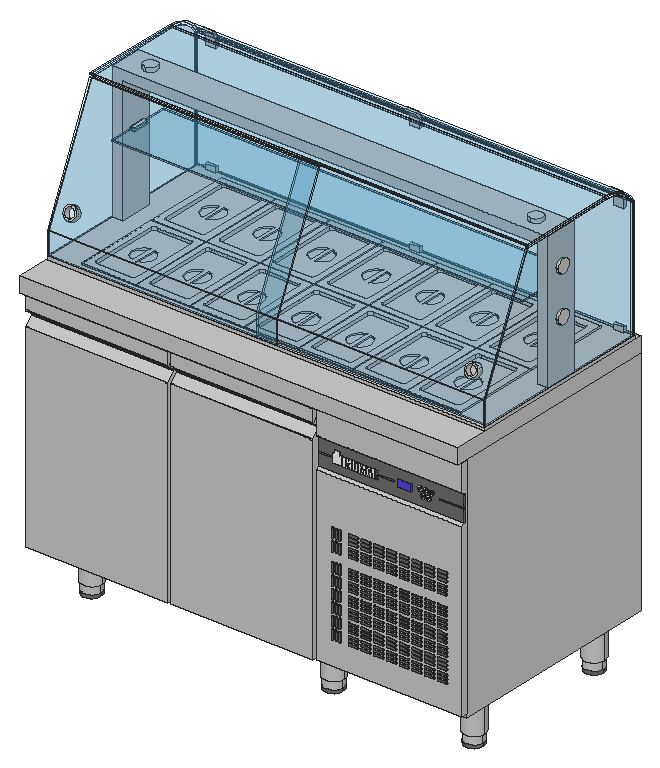
Revit family "QF_INOMAK_ZQFP99_250529104924", category Specialty Equipment, Revit 2021
Family settings
  Round Connector Dimension = Use Diameter
  Part Type = Normal
  OmniClass Number = 23.40.40.14
  OmniClass Title = Food Service Equipment
  Work Plane-Based = No
  Always vertical = Yes
  Cut with Voids When Loaded = No
  Shared = No
  Room Calculation Point = No
Parameters (values of type "ZQFP99")
  Weight [instance] = 136.999 kg
  Warranty Start Date [instance] = ""
  Warranty Duration [instance] = ""
  Volts [instance] = 230 V
  Volt Free Conn [instance] = no
  URL Recommended Spares List [instance] = ""
  URL Manufacturer [instance] = ""
  URL Cutsheet [instance] = ""
  URL Critical Spares List [instance] = ""
  URL = "www.inomak.com"
  Technical Documentation [instance] = ""
  Tag Number [instance] = ""
  Status [instance] = ""
  Start Up Current [instance] = 0 A
  Specification by User [instance] = ""
  Specification by Manufacturer [instance] = ""
  Sound Level [instance] = ""
  Show Logo [instance] = yes
  Show Clearances [instance] = yes
  Service Life Duration [instance] = ""
  Serial Number [instance] = ""
  Seismic Rating [instance] = ""
  SMACNA No [instance] = ""
  Revision Code [instance] = ""
  Revision [instance] = ""
  Production Year [instance] = ""
  Potential Equalisation [instance] = no
  Point Load [instance] = 0
  Phase [instance] = 1
  Other Equipment Approvals [instance] = ""
  Operational Current [instance] = 0 A
  Number of Poles [instance] = 2
  No Load Power Draw [instance] = no
  NAFEM Spec ID Number [instance] = ""
  Model Warning [instance] = ""
  Model = "ZQFP99"
  Min Ckt Ampacity [instance] = 0 A
  Max Overcurrent Protection [instance] = 10 A
  Masterspec [instance] = ""
  Manufacturer = "INOMAK"
  Main switch integrated [instance] = no
  Length Actual [instance] = 1342.136 mm
  Item Number [instance] = ""
  Installed By [instance] = ""
  Installation Date [instance] = ""
  Identify Quantity as Lot [instance] = no
  ID [instance] = ""
  Hygiene Approval [instance] = ""
  Height Actual [instance] = 1312.926 mm
  HP power [instance] = ""
  Furnished By [instance] = ""
  Foodservice Equipment Identifier [instance] = no
  FL Amps [instance] = 3.9 A
  Electrical Remarks [instance] = ""
  Electric power [instance] = 480 W
  Electric Connection Type [instance] = ""
  Elec Conn RI Height [instance] = 0 mm
  Elec Conn Connection Height [instance] = 0 mm
  ETL Approved [instance] = no
  Description = "ZENOBIA SALADETTE WITH SHOWCASE AND 2 GN 1/1 DOORS"
  Depth Actual [instance] = 700.024 mm
  Default Elevation = 0 mm
  Cycle [instance] = 50 Hz
  Cost = 0
  Connection to energy optimisation system [instance] = yes
  Conn Plug [instance] = ""
  Conn Conduit [instance] = no
  Centralized building control system with digital interface [instance] = ""
  CSI MasterFormat [instance] = ""
  CE Approved [instance] = no
  Barcode [instance] = 0
  Author [instance] = ""
  Asset Identifier [instance] = ""
  Apparent Power [instance] = 480 VA
  Accessory [instance] = no
Reference planes
  plane 1 "Center (Front/Back)": y = 0
  plane 2: z = 0
  plane 3 "Center (Left/Right)": x = 0
Forms (mm)
  Extrusion 1, solid, not visible
    sketch origin (935.046, -100.005, 146.007) x (1, 0, 0) y (0, 1, 0)
      loop
        line (-2, 2) -> (-2, -2) -> (2, -2) -> (2, 2) -> (-2, 2)
    from -2 to 2
Dimensions and locks
  locked: nested 2 to Extrusion 1 at 2  (x2)
  aligned and locked: level to plane 2
Nested families
  nested 1: "QF_INOMAK_REF_COUNTERS_1360_2920" at (0, 0, 144), type "ZQFP99"
    with Weight 136.999 kg, Warranty Start Date "", Warranty Duration "", URL Cutsheet "", Technical Documentation "", Tag Number "", Status "", Specification by User "", Specification by Manufacturer "", Sound Level "", Solid Fuel Type "", Show Clearances yes, Show Clearance yes, Service Life Duration "", Serial Number "", Seismic Rating "", SMACNA No "", Revision Code "", Revision "", Production Year "", Point Load 0, Other Equipment Approvals "", NAFEM Spec ID Number "", Model Warning "", Masterspec "", Length Actual 1342.136 mm, Item Number "", Installed By "", Installation Date "", Identify Quantity as Lot yes, ID "", Hygiene Approval "", Height Actual 1312.926 mm, Furnished By "", Foodservice Equipment Identifier yes, Finish none, ETL Approved yes, Depth Actual 700.024 mm, CSI MasterFormat "", CE Approved yes, Barcode "", Author "", Asset Identifier "", Accessory no
  nested 2: "CONN_POINT_ELE_2D___Generic_Annotation" at (935.046, -100.005, 144.007), type "CONN_POINT_ELE_2D___Generic_Annotation"
    with Onboard connection annotation symbol visibility yes
  nested 3: "QF_INOMAK_REF_WORKTOPS_WTVF_1360_7072" at (0, 0, 854), type "WTVF-1360-700"
    with Worktop thickness 46 mm, Weight 0.00 kg, Warranty Start Date "", Warranty Duration "", URL Cutsheet "", Technical Documentation "", Tag Number "", Status "", Specification by User "", Specification by Manufacturer "", Sound Level "", Solid Fuel Type "", Show Logo yes, Show Clearances yes, Service Life Duration "", Serial Number "", Seismic Rating "", SMACNA No "", Revision Code "", Revision "", Production Year "", Point Load 0, Other Equipment Approvals "", NAFEM Spec ID Number "", Model Warning "", Masterspec "", Length Actual 1342.136 mm, Item Number "", Installed By "", Installation Date "", Identify Quantity as Lot yes, ID "", Hygiene Approval "", Height Actual 45.974 mm, Height AFF 0 mm, Furnished By "", Foodservice Equipment Identifier yes, Finish none, ETL Approved yes, Depth Actual 700.024 mm, CSI MasterFormat "", CE Approved yes, Barcode "", Author "", Asset Identifier "", Accessory yes
  nested 4: "QF_INOMAK_REF_COUNTERS_LEGS_9119" at (0, 0, 0), type "LG-1345-700"
    with Weight 0.00 kg, Warranty Start Date "", Warranty Duration "", URL Cutsheet "", Technical Documentation "", Tag Number "", Status "", Specification by User "", Specification by Manufacturer "", Sound Level "", Solid Fuel Type "", Show Logo yes, Show Clearances yes, Service Life Duration "", Serial Number "", Seismic Rating "", SMACNA No "", Revision Code "", Revision "", Production Year "", Point Load 0, Other Equipment Approvals "", NAFEM Spec ID Number "", Model Warning "", Masterspec "", Length Actual 1342.136 mm, Legs inset right 70 mm, Legs inset rear 90 mm, Legs inset left 100 mm, Legs inset front 150 mm, Item Number "", Installed By "", Installation Date "", Identify Quantity as Lot yes, ID "", Hygiene Approval "", Height Actual 144.018 mm, Furnished By "", Foodservice Equipment Identifier yes, ETL Approved yes, Depth Actual 700.024 mm, CentralLegs no, CSI MasterFormat "", CE Approved yes, Barcode "", Author "", Asset Identifier "", Accessory yes
Connectors
  electrical at (935.046, -100.005, 144.007), driven by "Apparent Power", driven by "Number of Poles", driven by "Volts"
    settings: on Extrusion 1, index 1, voltage 230 V, apparent load 0 VA, apparent load phase1 480 VA, apparent load phase2 0 VA, apparent load phase3 0 VA, power factor 1, load classification "Other", number of poles 2, system type 31, power factor state 1, is connector primary yes, connector utility no, sub classification motor no, connector description "Electrical connection for ZQFP99"
Definition of nested family "QF_INOMAK_REF_COUNTERS_1360_2920"
  Parameters (values of type "ZQFP99")
    Weight [instance] = 0.00 kg
    Warranty Start Date [instance] = ""
    Warranty Duration [instance] = ""
    URL Cutsheet [instance] = ""
    URL = "www.inomak.com"
    Technical Documentation [instance] = ""
    Tag Number [instance] = ""
    Status [instance] = ""
    Specification by User [instance] = ""
    Specification by Manufacturer [instance] = ""
    Sound Level [instance] = ""
    Solid Fuel Type [instance] = ""
    Show Logo = yes
    Show Clearances [instance] = yes
    Show Clearance [instance] = yes
    Service Life Duration [instance] = ""
    Serial Number [instance] = ""
    Seismic Rating [instance] = ""
    SMACNA No [instance] = ""
    Revision Code [instance] = ""
    Revision [instance] = ""
    Production Year [instance] = ""
    Point Load [instance] = 0
    Other Equipment Approvals [instance] = ""
    NAFEM Spec ID Number [instance] = ""
    Model Warning [instance] = ""
    Model = "ZQFP99"
    Masterspec [instance] = ""
    Manufacturer = "INOMAK"
    Length Actual [instance] = 0 mm
    Length = 1342 mm
    Item Number [instance] = ""
    Installed By [instance] = ""
    Installation Date [instance] = ""
    Identify Quantity as Lot [instance] = yes
    ID [instance] = ""
    Hygiene Approval [instance] = ""
    Height Actual [instance] = 0 mm
    Height = 710 mm
    Furnished By [instance] = ""
    Foodservice Equipment Identifier [instance] = yes
    Finish [instance] = none
    ETL Approved [instance] = yes
    Description = "ZENOBIA SALADETTE WITH SHOWCASE AND 2 GN 1/1 DOORS"
    Depth Actual [instance] = 0 mm
    Depth = 700 mm
    Default Elevation = 0 mm
    CSI MasterFormat [instance] = ""
    CE Approved [instance] = yes
    Barcode [instance] = ""
    Author [instance] = ""
    Asset Identifier [instance] = ""
    Assembly Code = "E1090320"
    Accessory [instance] = yes
  Types (6, lengths in mm): name | Model | Description
    ZQFP99 | "ZQFP99" | "ZENOBIA SALADETTE WITH SHOWCASE AND 2 GN 1/1 DOORS"
    ZQRP99 | "ZQRP99" | "ZENOBIA SALADETTE COUNTER WITH LENGTH VITRINE AND WITH A SPACE ON THE RIGHT SIDE OF THE WORKTOP, 2 GN 1/1 DOORS"
    ZNFP99 | "ZNFP99" | "ZENOBIA SALADETTE WITH 2 GN 1/1 DOORS"
    ZSQP99 | "ZSQP99" | "ZENOBIA SALADETTE WITH SQUARE SHOWCASE AND 2 GN 1/1 DOORS"
    ZVFP99 | "ZVFP99" | "ZENOBIA SALADETTE WITH SINGLE SNEEZE GUARD AND 2 GN 1/1 DOORS"
    ZRFP99 | "ZRFP99" | "ZENOBIA SALADETTE WITH DOUBLE SNEEZE GUARD AND 2 GN 1/1 DOORS"
  Reference planes
    plane 1 "Back": y = 0
    plane 2: z = 0
    plane 3 "Left": x = 0
    plane 4 "Right": x = 1342
    plane 5 "Front": y = -700
    plane 6 "Top": z = 710
  Forms (mm)
    Extrusion 1, solid, material <- "Finish"
      sketch origin (0, 0, 0) x (1, 0, 0) y (0, 1, 0)
        loop
          line (0, -648) -> (30, -648) -> (30, -30) -> (867, -30) -> (867, -648) -> (897, -648) -> (897, -665) -> (1342, -665) -> (1342, 0) -> (0, 0) -> (0, -648)
      from 0 to 710
    Extrusion 2, solid, material <- "Finish"
      sketch origin (0, 0, 0) x (1, 0, 0) y (0, 1, 0)
        loop
          line (30, -30) -> (30, -648) -> (867, -648) -> (867, -30) -> (30, -30)
      from 0 to 45
    Extrusion 3, solid, material <- "Finish"
      sketch origin (0, 0, 710) x (0, 1, 0) y (-1, 0, 0)
        loop
          line (-30, -30) -> (-648, -30) -> (-648, -867) -> (-30, -867) -> (-30, -30)
      from 0 to -30
    Extrusion 4, solid, material <- "Finish"
      sketch origin (1342, 0, 0) x (0, -1, 0) y (0, 0, 1)
        loop
          line (683.05, 705) -> (665, 705) -> (665, 10) -> (683.05, 10) -> (683.05, 532.058) -> (676.05, 539.058) -> (676.05, 618.864) -> (683.05, 625.864) -> (683.05, 705)
      from 0 to 445
    Extrusion 5, solid
      sketch origin (0, -700, 0) x (-1, 0, 0) y (0, 0, 1)
        loop
          circle (-1208.654, 586.73) r 6.965
        loop
          circle (-1225.685, 586.73) r 6.965
        loop
          circle (-1242.694, 586.73) r 6.965
        loop
          circle (-1217.18, 568.729) r 6.965
        loop
          circle (-1234.189, 568.729) r 6.965
        loop
          circle (-1208.654, 586.73) r 3.965
        loop
          circle (-1225.685, 586.73) r 3.965
        loop
          circle (-1242.694, 586.73) r 3.965
        loop
          circle (-1217.18, 568.729) r 3.965
        loop
          circle (-1234.189, 568.729) r 3.965
      from 23 to 25.5
    Extrusion 6, solid
      sketch origin (0, -700, 0) x (-1, 0, 0) y (0, 0, 1)
        loop
          line (-1180.865, 590.461) -> (-1180.865, 567.461) -> (-1140.865, 567.461) -> (-1140.865, 590.461) -> (-1180.865, 590.461)
      from 23 to 25.5
    Extrusion 7, solid
      sketch origin (0, -700, 0) x (-1, 0, 0) y (0, 0, 1)
        loop
          line (-897, 618.864) -> (-1342, 618.864) -> (-1342, 539.058) -> (-897, 539.058) -> (-897, 618.864)
      from 23.5 to 25.5
    Extrusion 8, solid, visible <- "Show Logo"
      sketch origin (0, -700, 0) x (-1, 0, 0) y (0, 0, 1)
        loop
          line (-941.061, 591.01) -> (-947.061, 591.01) -> (-947.061, 602.118) -> (-961.298, 602.118) -> (-961.298, 591.01) -> (-967.298, 591.01) -> (-967.298, 564.76) -> (-941.061, 564.76) -> (-941.061, 591.01)
        loop
          line (-971.613, 590.698) -> (-978.903, 590.698) -> (-978.903, 564.76) -> (-971.613, 564.76) -> (-971.613, 590.698)
        loop
          line (-981.422, 564.76) -> (-981.422, 590.698) -> (-988.256, 590.698) -> (-991.449, 578.78) -> (-991.449, 590.698) -> (-997.982, 590.698) -> (-997.982, 564.76) -> (-991.449, 564.76) -> (-987.735, 578.623) -> (-987.735, 564.76) -> (-981.422, 564.76)
        loop
          line (-1018.664, 564.76) -> (-1018.664, 590.698) -> (-1027.626, 590.698) -> (-1029.988, 576.688) -> (-1032.35, 590.698) -> (-1041.312, 590.698) -> (-1041.312, 564.76) -> (-1034.687, 564.76) -> (-1034.687, 578.623) -> (-1032.35, 564.76) -> (-1027.626, 564.76) -> (-1025.289, 578.623) -> (-1025.289, 564.76) -> (-1018.664, 564.76)
        loop
          line (-1003.851, 590.698) -> (-1013.176, 590.698)
          arc (-1013.176, 590.698) -> (-1015.773, 589.622) -> (-1016.849, 587.026) r 3.672
          line (-1016.849, 587.026) -> (-1016.849, 568.433)
          arc (-1016.849, 568.433) -> (-1015.773, 565.836) -> (-1013.176, 564.76) r 3.672
          line (-1013.176, 564.76) -> (-1003.851, 564.76)
          arc (-1003.851, 564.76) -> (-1001.255, 565.836) -> (-1000.179, 568.433) r 3.672
          line (-1000.179, 568.433) -> (-1000.179, 587.026)
          arc (-1000.179, 587.026) -> (-1001.255, 589.622) -> (-1003.851, 590.698) r 3.672
        loop
          arc (-1007.487, 587.542) -> (-1008.514, 588.569) -> (-1009.541, 587.542) r 1.027
          line (-1009.541, 587.542) -> (-1009.541, 568.949)
          arc (-1009.541, 568.949) -> (-1008.514, 567.922) -> (-1007.487, 568.949) r 1.027
          line (-1007.487, 568.949) -> (-1007.487, 587.542)
        loop
          line (-1042.382, 564.76) -> (-1046.755, 590.698) -> (-1055.615, 590.698) -> (-1059.988, 564.76) -> (-1053.461, 564.76) -> (-1052.852, 569.723) -> (-1049.518, 569.723) -> (-1048.909, 564.76) -> (-1042.382, 564.76)
        loop
          line (-1050.074, 574.252) -> (-1051.185, 583.299) -> (-1052.296, 574.252) -> (-1050.074, 574.252)
        loop
          line (-1060.954, 564.76) -> (-1060.954, 590.698) -> (-1067.579, 590.698) -> (-1067.579, 581.585) -> (-1070.365, 590.698) -> (-1077.803, 590.698) -> (-1073.474, 579.422) -> (-1078.522, 564.76) -> (-1070.939, 564.76) -> (-1067.579, 577.3) -> (-1067.579, 564.76) -> (-1060.954, 564.76)
      from 23 to 25.5
    Extrusion 9, solid
      sketch origin (0, -700, 0) x (-1, 0, 0) y (0, 0, 1)
        loop
          line (-897, 580.961) -> (-933.995, 580.961) -> (-933.995, 576.961) -> (-897, 576.961) -> (-897, 580.961)
        loop
          line (-1082, 580.961) -> (-1126.365, 580.961) -> (-1126.365, 576.961) -> (-1082, 576.961) -> (-1082, 580.961)
        loop
          line (-1342, 580.961) -> (-1342, 576.961) -> (-1268.755, 576.961) -> (-1268.755, 580.961) -> (-1342, 580.961)
      from 23 to 25.5
    Extrusion 10, solid, material <- "Finish", visible <- "Show Clearance"
      sketch origin (443.5, 0, 0) x (0, -1, 0) y (0, 0, -1)
        loop
          line (690, -10) -> (648, -10) -> (648, -700) -> (690, -700) -> (690, -661.747)
          arc (690, -661.747) -> (688.671, -659.935) -> (686.544, -660.657) r 1.9
          line (686.544, -660.657) -> (680.029, -669.961) -> (668.119, -669.961)
          arc (668.119, -669.961) -> (666.433, -669.262) -> (665.734, -667.576) r 2.385
          line (665.734, -667.576) -> (665.734, -640.672)
          arc (665.734, -640.672) -> (665.976, -639.458) -> (666.663, -638.429) r 3.172
          line (666.663, -638.429) -> (689.485, -615.607)
          arc (689.485, -615.607) -> (689.866, -615.037) -> (690, -614.365) r 1.757
          line (690, -614.365) -> (690, -10)
      from 0 to -435
    Extrusion 11, solid, visible <- "Show Clearance", detail levels coarse
      sketch origin (443.5, -700, 10) x (-1, 0, 0) y (0, 1, 0)
        loop
          line (435, 10) -> (0, 10)
          arc (0, 10) -> (134.757, -285.109) -> (435, -408) r 440.665
          line (435, -408) -> (435, 10)
      from 0 to -690
    Extrusion 12, solid, material <- "Finish", visible <- "Show Clearance"
      sketch origin (453.5, 0, 0) x (0, -1, 0) y (0, 0, 1)
        loop
          line (690, 10) -> (690, 614.365)
          arc (690, 614.365) -> (689.866, 615.037) -> (689.485, 615.607) r 1.757
          line (689.485, 615.607) -> (666.663, 638.429)
          arc (666.663, 638.429) -> (665.976, 639.458) -> (665.734, 640.672) r 3.172
          line (665.734, 640.672) -> (665.734, 667.576)
          arc (665.734, 667.576) -> (666.433, 669.262) -> (668.119, 669.961) r 2.385
          line (668.119, 669.961) -> (680.029, 669.961) -> (686.544, 660.657)
          arc (686.544, 660.657) -> (688.671, 659.935) -> (690, 661.747) r 1.9
          line (690, 661.747) -> (690, 700) -> (648, 700) -> (648, 10) -> (690, 10)
      from 0 to -435
    Extrusion 13, solid, visible <- "Show Clearance", detail levels coarse
      sketch origin (453.5, -700, 10) x (-1, 0, 0) y (0, 1, 0)
        loop
          line (-435, 10) -> (-435, -408)
          arc (-435, -408) -> (-134.757, -285.109) -> (0, 10) r 440.665
          line (0, 10) -> (-435, 10)
      from 0 to -690
  Cuts and joins
    joined: Extrusion 1, Extrusion 2, Extrusion 3
  Lines and regions (mm)
    symbolic lines, visible <- "Show Clearance"
      curve 1: line (0, 0, 0) -> (1342, 0, 0)
      curve 2: line (1342, 0, 0) -> (1342, -700, 0)
      curve 3: line (1342, -700, 0) -> (0, -700, 0)
      curve 4: line (0, -700, 0) -> (0, 0, 0)
      curve 5: line (8.5, -1108, 0) -> (8.5, -700, 0)
      curve 6: arc (8.5, -1108, 0) -> (305.111, -988.559, 0) -> (442.872, -700, 0) r 440.665
      curve 7: line (888.5, -1108, 0) -> (888.5, -700, 0)
      curve 8: arc (888.5, -1108, 0) -> (591.889, -988.559, 0) -> (454.128, -700, 0) r 440.665
  Dimensions and locks
    "Length": plane 3 "Left" to plane 4 "Right"
    "Depth": plane 5 "Front" to plane 1 "Back"
    "Height": plane 6 "Top" to plane 2
    aligned and locked: level to plane 2
    aligned and locked: plane 6 "Top" to Extrusion 1
    aligned and locked: nested 1 to plane 4 "Right"
    aligned and locked: plane 5 "Front" to nested 1
    aligned and locked: plane 5 "Front" to curve 3
    aligned and locked: curve 5 to Extrusion 11
    aligned and locked: curve 7 to Extrusion 13
  Automatic sketch dimensions
    plane 1 "Back" to curve 1 = 0 mm
    curve 1 to plane 3 "Left" = 0 mm
    curve 1 to plane 4 "Right" = 0 mm
    plane 3 "Left" to curve 6 = 3.417 mm
    curve 7 to curve 8 = 5.083 mm
    curve 7 to plane 5 "Front" = 408 mm
    curve 5 to plane 5 "Front" = 408 mm
    plane 5 "Front" to curve 6 = 32.635 mm
    plane 5 "Front" to curve 8 = 32.635 mm
    Extrusion 1 sketch curve to plane 3 "Left" = 0 mm
    plane 1 "Back" to Extrusion 1 sketch curve = 0 mm
    Extrusion 1 sketch curve to plane 4 "Right" = 0 mm
    plane 3 "Left" to Extrusion 1 sketch curve = 30 mm
    plane 1 "Back" to Extrusion 1 sketch curve = 30 mm
    plane 4 "Right" to Extrusion 1 sketch curve = 475 mm
    Extrusion 1 sketch curve to Extrusion 1 sketch curve = 30 mm
    plane 5 "Front" to Extrusion 1 sketch curve = 52 mm  (x2)
    plane 5 "Front" to Extrusion 1 sketch curve = 35 mm
    plane 3 "Left" to Extrusion 2 sketch curve = 30 mm
    plane 5 "Front" to Extrusion 2 sketch curve = 52 mm
    plane 4 "Right" to Extrusion 2 sketch curve = 475 mm
    plane 1 "Back" to Extrusion 2 sketch curve = 30 mm
    plane 5 "Front" to Extrusion 3 sketch curve = 52 mm
    plane 1 "Back" to Extrusion 3 sketch curve = 30 mm
    plane 4 "Right" to Extrusion 3 sketch curve = 475 mm
    plane 3 "Left" to Extrusion 3 sketch curve = 30 mm
    Extrusion 4 sketch curve to plane 6 "Top" = 5 mm
    plane 5 "Front" to Extrusion 4 sketch curve = 35 mm
    plane 5 "Front" to Extrusion 4 sketch curve = 23.95 mm
    Extrusion 4 sketch curve to Extrusion 4 sketch curve = 7 mm  (x4)
    Extrusion 4 sketch curve to Extrusion 4 sketch curve = 79.136 mm
    Extrusion 4 sketch curve to Extrusion 4 sketch curve = 79.807 mm
    level to Extrusion 4 sketch curve = 10 mm
    level to Extrusion 10 sketch curve = 10 mm
    plane 5 "Front" to Extrusion 10 sketch curve = 52 mm
    plane 5 "Front" to Extrusion 10 sketch curve = 34.266 mm
    Extrusion 10 sketch curve to Extrusion 10 sketch curve = 0.929 mm
    Extrusion 10 sketch curve to Extrusion 10 sketch curve = 2.385 mm
    Extrusion 10 sketch curve to Extrusion 10 sketch curve = 3.172 mm
    Extrusion 10 sketch curve to Extrusion 10 sketch curve = 11.91 mm
    Extrusion 10 sketch curve to Extrusion 10 sketch curve = 6.515 mm
    Extrusion 10 sketch curve to Extrusion 10 sketch curve = 1.556 mm
    plane 5 "Front" to Extrusion 10 sketch curve = 11.757 mm
    Extrusion 10 sketch curve to Extrusion 10 sketch curve = 1.242 mm
    Extrusion 10 sketch curve to Extrusion 10 sketch curve = 1.9 mm
    Extrusion 10 sketch curve to Extrusion 10 sketch curve = 0.515 mm
    Extrusion 10 sketch curve to plane 6 "Top" = 95.635 mm
    Extrusion 10 sketch curve to Extrusion 10 sketch curve = 22.822 mm
    Extrusion 10 sketch curve to Extrusion 10 sketch curve = 19.985 mm
    Extrusion 10 sketch curve to Extrusion 10 sketch curve = 6.919 mm
    Extrusion 10 sketch curve to plane 6 "Top" = 10 mm
    plane 5 "Front" to Extrusion 11 sketch curve = 10 mm
    plane 3 "Left" to Extrusion 11 sketch curve = 443.5 mm
    plane 3 "Left" to Extrusion 11 sketch curve = 8.5 mm
    plane 3 "Left" to Extrusion 11 sketch curve = 3.417 mm
    Extrusion 11 sketch curve to Extrusion 11 sketch curve = 22.635 mm
    level to Extrusion 12 sketch curve = 10 mm
    plane 5 "Front" to Extrusion 12 sketch curve = 52 mm
    plane 5 "Front" to Extrusion 12 sketch curve = 34.266 mm
    Extrusion 12 sketch curve to Extrusion 12 sketch curve = 0.929 mm
    Extrusion 12 sketch curve to Extrusion 12 sketch curve = 2.385 mm
    Extrusion 12 sketch curve to Extrusion 12 sketch curve = 3.172 mm
    Extrusion 12 sketch curve to Extrusion 12 sketch curve = 11.91 mm
    Extrusion 12 sketch curve to Extrusion 12 sketch curve = 6.515 mm
    Extrusion 12 sketch curve to Extrusion 12 sketch curve = 1.556 mm
    plane 5 "Front" to Extrusion 12 sketch curve = 11.757 mm
    Extrusion 12 sketch curve to Extrusion 12 sketch curve = 1.242 mm
    Extrusion 12 sketch curve to Extrusion 12 sketch curve = 1.9 mm
    Extrusion 12 sketch curve to Extrusion 12 sketch curve = 0.515 mm
    Extrusion 12 sketch curve to plane 6 "Top" = 95.635 mm
    Extrusion 12 sketch curve to Extrusion 12 sketch curve = 22.822 mm
    Extrusion 12 sketch curve to Extrusion 12 sketch curve = 19.985 mm
    Extrusion 12 sketch curve to Extrusion 12 sketch curve = 6.919 mm
    Extrusion 12 sketch curve to plane 6 "Top" = 10 mm
    plane 5 "Front" to Extrusion 13 sketch curve = 32.635 mm
    plane 4 "Right" to Extrusion 13 sketch curve = 448.417 mm
    Extrusion 13 sketch curve to Extrusion 13 sketch curve = 5.083 mm
    plane 5 "Front" to Extrusion 13 sketch curve = 10 mm
    Extrusion 13 sketch curve to Extrusion 13 sketch curve = 435 mm
    Extrusion 5 sketch curve to Extrusion 5 sketch curve = 0 mm  (x13)
    plane 4 "Right" to Extrusion 5 sketch curve = 99.306 mm
    Extrusion 5 sketch curve to Extrusion 5 sketch curve = 8.505 mm
    Extrusion 5 sketch curve to Extrusion 5 sketch curve = 17.009 mm  (x2)
    Extrusion 5 sketch curve to Extrusion 5 sketch curve = 17.03 mm
    Extrusion 5 sketch curve to plane 6 "Top" = 141.271 mm
    Extrusion 5 sketch curve to Extrusion 5 sketch curve = 18.001 mm
    plane 4 "Right" to Extrusion 6 sketch curve = 161.135 mm
    Extrusion 6 sketch curve to Extrusion 6 sketch curve = 40 mm
    Extrusion 6 sketch curve to plane 6 "Top" = 142.539 mm
    Extrusion 6 sketch curve to Extrusion 6 sketch curve = 23 mm
    plane 4 "Right" to Extrusion 7 sketch curve = 0 mm
    Extrusion 7 sketch curve to plane 6 "Top" = 170.942 mm
    Extrusion 7 sketch curve to Extrusion 7 sketch curve = 445 mm
    Extrusion 7 sketch curve to Extrusion 7 sketch curve = 79.807 mm
    plane 4 "Right" to Extrusion 8 sketch curve = 263.478 mm
    Extrusion 8 sketch curve to Extrusion 8 sketch curve = 0.72 mm
    Extrusion 8 sketch curve to plane 6 "Top" = 130.578 mm
    Extrusion 8 sketch curve to Extrusion 8 sketch curve = 4.329 mm
    Extrusion 8 sketch curve to Extrusion 8 sketch curve = 7.584 mm
    Extrusion 8 sketch curve to plane 6 "Top" = 119.302 mm  (x2)
    Extrusion 8 sketch curve to Extrusion 8 sketch curve = 7.438 mm
    Extrusion 8 sketch curve to plane 6 "Top" = 132.7 mm
    Extrusion 8 sketch curve to Extrusion 8 sketch curve = 5.895 mm
    Extrusion 8 sketch curve to plane 6 "Top" = 128.415 mm
    Extrusion 8 sketch curve to Extrusion 8 sketch curve = 0 mm  (x11)
    Extrusion 8 sketch curve to Extrusion 8 sketch curve = 6.625 mm  (x2)
    Extrusion 8 sketch curve to Extrusion 8 sketch curve = 0.965 mm
    Extrusion 8 sketch curve to Extrusion 8 sketch curve = 5.338 mm
    Extrusion 8 sketch curve to Extrusion 8 sketch curve = 6.527 mm  (x2)
    Extrusion 8 sketch curve to plane 6 "Top" = 140.277 mm
    Extrusion 8 sketch curve to Extrusion 8 sketch curve = 0.609 mm
    Extrusion 8 sketch curve to plane 6 "Top" = 135.748 mm
    Extrusion 8 sketch curve to Extrusion 8 sketch curve = 0.556 mm
    Extrusion 8 sketch curve to plane 6 "Top" = 126.701 mm
    Extrusion 8 sketch curve to Extrusion 8 sketch curve = 4.43 mm  (x2)
    Extrusion 8 sketch curve to Extrusion 8 sketch curve = 2.222 mm
    Extrusion 8 sketch curve to Extrusion 8 sketch curve = 3.334 mm
    Extrusion 8 sketch curve to Extrusion 8 sketch curve = 4.552 mm
    Extrusion 8 sketch curve to plane 6 "Top" = 145.24 mm  (x2)
    Extrusion 8 sketch curve to Extrusion 8 sketch curve = 1.069 mm
    Extrusion 8 sketch curve to plane 6 "Top" = 131.377 mm  (x2)
    Extrusion 8 sketch curve to Extrusion 8 sketch curve = 8.962 mm  (x2)
    Extrusion 8 sketch curve to Extrusion 8 sketch curve = 2.337 mm
    Extrusion 8 sketch curve to plane 6 "Top" = 133.312 mm
    Extrusion 8 sketch curve to Extrusion 8 sketch curve = 4.699 mm  (x2)
    Extrusion 8 sketch curve to Extrusion 8 sketch curve = 4.724 mm  (x2)
    Extrusion 8 sketch curve to Extrusion 8 sketch curve = 1.815 mm
    Extrusion 8 sketch curve to Extrusion 8 sketch curve = 3.672 mm  (x8)
    Extrusion 8 sketch curve to Extrusion 8 sketch curve = 3.636 mm  (x3)
    Extrusion 8 sketch curve to Extrusion 8 sketch curve = 1.027 mm
    Extrusion 8 sketch curve to Extrusion 8 sketch curve = 2.197 mm
    Extrusion 8 sketch curve to Extrusion 8 sketch curve = 6.532 mm  (x2)
    Extrusion 8 sketch curve to Extrusion 8 sketch curve = 3.194 mm
    Extrusion 8 sketch curve to Extrusion 8 sketch curve = 3.714 mm
    Extrusion 8 sketch curve to Extrusion 8 sketch curve = 6.312 mm
    Extrusion 8 sketch curve to Extrusion 8 sketch curve = 2.52 mm
    Extrusion 8 sketch curve to Extrusion 8 sketch curve = 7.29 mm
    Extrusion 8 sketch curve to Extrusion 8 sketch curve = 4.315 mm
    Extrusion 8 sketch curve to Extrusion 8 sketch curve = 6 mm
    Extrusion 8 sketch curve to Extrusion 8 sketch curve = 14.237 mm
    Extrusion 8 sketch curve to Extrusion 8 sketch curve = 26.237 mm
    Extrusion 8 sketch curve to Extrusion 8 sketch curve = 14.661 mm
    Extrusion 8 sketch curve to Extrusion 8 sketch curve = 4.963 mm
    Extrusion 8 sketch curve to Extrusion 8 sketch curve = 0.516 mm  (x2)
    Extrusion 8 sketch curve to Extrusion 8 sketch curve = 13.862 mm
    Extrusion 8 sketch curve to Extrusion 8 sketch curve = 0.157 mm
    Extrusion 8 sketch curve to Extrusion 8 sketch curve = 26.25 mm
    Extrusion 8 sketch curve to Extrusion 8 sketch curve = 0.312 mm
    Extrusion 8 sketch curve to Extrusion 8 sketch curve = 11.107 mm
    plane 4 "Right" to Extrusion 9 sketch curve = 0 mm
    Extrusion 9 sketch curve to Extrusion 9 sketch curve = 73.245 mm
    Extrusion 9 sketch curve to Extrusion 9 sketch curve = 142.39 mm
    Extrusion 9 sketch curve to Extrusion 9 sketch curve = 44.365 mm
    Extrusion 9 sketch curve to Extrusion 9 sketch curve = 148.005 mm
    Extrusion 9 sketch curve to Extrusion 9 sketch curve = 36.995 mm
    Extrusion 9 sketch curve to plane 6 "Top" = 133.039 mm  (x3)
    Extrusion 9 sketch curve to Extrusion 9 sketch curve = 4 mm  (x3)
    radius of Extrusion 5 sketch curve = 6.965 mm  (x5)
    radius of Extrusion 5 sketch curve = 3.965 mm  (x5)
  Nested families
    nested 1: "QF_INOMAK_CONRTOL-PANEL" at (1342, 0, 0), type "PNRP9999"
      with Show Clearance yes
  Definition of nested family "QF_INOMAK_CONRTOL-PANEL"
    Parameters (values of type "PNRP9999")
      URL = ""
      Show Logo = yes
      Show Clearance [instance] = yes
      Model = ""
      Manufacturer = ""
      Length = 0 mm
      Height = 710 mm
      Front offset = 80 mm
      Description = ""
      Depth = 700 mm
      Default Elevation = 0 mm
      Assembly Code = ""
    Reference planes
      plane 1 "Back": y = 0
      plane 2: z = 0
      plane 3 "Left": x = 0
      plane 4 "Right": x = 0
      plane 5 "Front": y = -700
      plane 6 "Top": z = 710
      plane 7 "Front offset": y = -620
    Forms (mm)
      Extrusion 1, solid
        sketch origin (-2240, -700, 0) x (-1, 0, 0) y (0, 0, 1)
          loop
            arc (-2191.4, 389.855) -> (-2194.4, 386.855) -> (-2191.4, 383.855) r 3
            line (-2191.4, 383.855) -> (-2167.4, 383.855)
            arc (-2167.4, 383.855) -> (-2164.4, 386.855) -> (-2167.4, 389.855) r 3
            line (-2167.4, 389.855) -> (-2191.4, 389.855)
          loop
            arc (-2152.4, 389.855) -> (-2155.4, 386.855) -> (-2152.4, 383.855) r 3
            line (-2152.4, 383.855) -> (-2128.4, 383.855)
            arc (-2128.4, 383.855) -> (-2125.4, 386.855) -> (-2128.4, 389.855) r 3
            line (-2128.4, 389.855) -> (-2152.4, 389.855)
          loop
            arc (-2113.4, 389.855) -> (-2116.4, 386.855) -> (-2113.4, 383.855) r 3
            line (-2113.4, 383.855) -> (-2089.4, 383.855)
            arc (-2089.4, 383.855) -> (-2086.4, 386.855) -> (-2089.4, 389.855) r 3
            line (-2089.4, 389.855) -> (-2113.4, 389.855)
          loop
            arc (-2074.4, 389.855) -> (-2077.4, 386.855) -> (-2074.4, 383.855) r 3
            line (-2074.4, 383.855) -> (-2050.4, 383.855)
            arc (-2050.4, 383.855) -> (-2047.4, 386.855) -> (-2050.4, 389.855) r 3
            line (-2050.4, 389.855) -> (-2074.4, 389.855)
          loop
            arc (-2035.4, 389.855) -> (-2038.4, 386.855) -> (-2035.4, 383.855) r 3
            line (-2035.4, 383.855) -> (-2011.4, 383.855)
            arc (-2011.4, 383.855) -> (-2008.4, 386.855) -> (-2011.4, 389.855) r 3
            line (-2011.4, 389.855) -> (-2035.4, 389.855)
          loop
            arc (-1996.4, 389.855) -> (-1999.4, 386.855) -> (-1996.4, 383.855) r 3
            line (-1996.4, 383.855) -> (-1972.4, 383.855)
            arc (-1972.4, 383.855) -> (-1969.4, 386.855) -> (-1972.4, 389.855) r 3
            line (-1972.4, 389.855) -> (-1996.4, 389.855)
          loop
            arc (-1957.4, 389.855) -> (-1960.4, 386.855) -> (-1957.4, 383.855) r 3
            line (-1957.4, 383.855) -> (-1933.4, 383.855)
            arc (-1933.4, 383.855) -> (-1930.4, 386.855) -> (-1933.4, 389.855) r 3
            line (-1933.4, 389.855) -> (-1957.4, 389.855)
          loop
            arc (-1918.4, 389.855) -> (-1921.4, 386.855) -> (-1918.4, 383.855) r 3
            line (-1918.4, 383.855) -> (-1894.4, 383.855)
            arc (-1894.4, 383.855) -> (-1891.4, 386.855) -> (-1894.4, 389.855) r 3
            line (-1894.4, 389.855) -> (-1918.4, 389.855)
          loop
            arc (-2191.4, 378.855) -> (-2194.4, 375.855) -> (-2191.4, 372.855) r 3
            line (-2191.4, 372.855) -> (-2167.4, 372.855)
            arc (-2167.4, 372.855) -> (-2164.4, 375.855) -> (-2167.4, 378.855) r 3
            line (-2167.4, 378.855) -> (-2191.4, 378.855)
          loop
            arc (-2152.4, 378.855) -> (-2155.4, 375.855) -> (-2152.4, 372.855) r 3
            line (-2152.4, 372.855) -> (-2128.4, 372.855)
            arc (-2128.4, 372.855) -> (-2125.4, 375.855) -> (-2128.4, 378.855) r 3
            line (-2128.4, 378.855) -> (-2152.4, 378.855)
          loop
            arc (-2113.4, 378.855) -> (-2116.4, 375.855) -> (-2113.4, 372.855) r 3
            line (-2113.4, 372.855) -> (-2089.4, 372.855)
            arc (-2089.4, 372.855) -> (-2086.4, 375.855) -> (-2089.4, 378.855) r 3
            line (-2089.4, 378.855) -> (-2113.4, 378.855)
          loop
            arc (-2074.4, 378.855) -> (-2077.4, 375.855) -> (-2074.4, 372.855) r 3
            line (-2074.4, 372.855) -> (-2050.4, 372.855)
            arc (-2050.4, 372.855) -> (-2047.4, 375.855) -> (-2050.4, 378.855) r 3
            line (-2050.4, 378.855) -> (-2074.4, 378.855)
          loop
            arc (-2035.4, 378.855) -> (-2038.4, 375.855) -> (-2035.4, 372.855) r 3
            line (-2035.4, 372.855) -> (-2011.4, 372.855)
            arc (-2011.4, 372.855) -> (-2008.4, 375.855) -> (-2011.4, 378.855) r 3
            line (-2011.4, 378.855) -> (-2035.4, 378.855)
          loop
            arc (-1996.4, 378.855) -> (-1999.4, 375.855) -> (-1996.4, 372.855) r 3
            line (-1996.4, 372.855) -> (-1972.4, 372.855)
            arc (-1972.4, 372.855) -> (-1969.4, 375.855) -> (-1972.4, 378.855) r 3
            line (-1972.4, 378.855) -> (-1996.4, 378.855)
          loop
            arc (-1957.4, 378.855) -> (-1960.4, 375.855) -> (-1957.4, 372.855) r 3
            line (-1957.4, 372.855) -> (-1933.4, 372.855)
            arc (-1933.4, 372.855) -> (-1930.4, 375.855) -> (-1933.4, 378.855) r 3
            line (-1933.4, 378.855) -> (-1957.4, 378.855)
          loop
            arc (-1918.4, 378.855) -> (-1921.4, 375.855) -> (-1918.4, 372.855) r 3
            line (-1918.4, 372.855) -> (-1894.4, 372.855)
            arc (-1894.4, 372.855) -> (-1891.4, 375.855) -> (-1894.4, 378.855) r 3
            line (-1894.4, 378.855) -> (-1918.4, 378.855)
          loop
            arc (-2191.4, 367.855) -> (-2194.4, 364.855) -> (-2191.4, 361.855) r 3
            line (-2191.4, 361.855) -> (-2167.4, 361.855)
            arc (-2167.4, 361.855) -> (-2164.4, 364.855) -> (-2167.4, 367.855) r 3
            line (-2167.4, 367.855) -> (-2191.4, 367.855)
          loop
            arc (-2152.4, 367.855) -> (-2155.4, 364.855) -> (-2152.4, 361.855) r 3
            line (-2152.4, 361.855) -> (-2128.4, 361.855)
            arc (-2128.4, 361.855) -> (-2125.4, 364.855) -> (-2128.4, 367.855) r 3
            line (-2128.4, 367.855) -> (-2152.4, 367.855)
          loop
            arc (-2113.4, 367.855) -> (-2116.4, 364.855) -> (-2113.4, 361.855) r 3
            line (-2113.4, 361.855) -> (-2089.4, 361.855)
            arc (-2089.4, 361.855) -> (-2086.4, 364.855) -> (-2089.4, 367.855) r 3
            line (-2089.4, 367.855) -> (-2113.4, 367.855)
          loop
            arc (-2074.4, 367.855) -> (-2077.4, 364.855) -> (-2074.4, 361.855) r 3
            line (-2074.4, 361.855) -> (-2050.4, 361.855)
            arc (-2050.4, 361.855) -> (-2047.4, 364.855) -> (-2050.4, 367.855) r 3
            line (-2050.4, 367.855) -> (-2074.4, 367.855)
          loop
            arc (-2035.4, 367.855) -> (-2038.4, 364.855) -> (-2035.4, 361.855) r 3
            line (-2035.4, 361.855) -> (-2011.4, 361.855)
            arc (-2011.4, 361.855) -> (-2008.4, 364.855) -> (-2011.4, 367.855) r 3
            line (-2011.4, 367.855) -> (-2035.4, 367.855)
          loop
            arc (-1996.4, 367.855) -> (-1999.4, 364.855) -> (-1996.4, 361.855) r 3
            line (-1996.4, 361.855) -> (-1972.4, 361.855)
            arc (-1972.4, 361.855) -> (-1969.4, 364.855) -> (-1972.4, 367.855) r 3
            line (-1972.4, 367.855) -> (-1996.4, 367.855)
          loop
            arc (-1957.4, 367.855) -> (-1960.4, 364.855) -> (-1957.4, 361.855) r 3
            line (-1957.4, 361.855) -> (-1933.4, 361.855)
            arc (-1933.4, 361.855) -> (-1930.4, 364.855) -> (-1933.4, 367.855) r 3
            line (-1933.4, 367.855) -> (-1957.4, 367.855)
          loop
            arc (-1918.4, 367.855) -> (-1921.4, 364.855) -> (-1918.4, 361.855) r 3
            line (-1918.4, 361.855) -> (-1894.4, 361.855)
            arc (-1894.4, 361.855) -> (-1891.4, 364.855) -> (-1894.4, 367.855) r 3
            line (-1894.4, 367.855) -> (-1918.4, 367.855)
          loop
            arc (-2191.4, 352.855) -> (-2194.4, 349.855) -> (-2191.4, 346.855) r 3
            line (-2191.4, 346.855) -> (-2167.4, 346.855)
            arc (-2167.4, 346.855) -> (-2164.4, 349.855) -> (-2167.4, 352.855) r 3
            line (-2167.4, 352.855) -> (-2191.4, 352.855)
          loop
            arc (-2152.4, 352.855) -> (-2155.4, 349.855) -> (-2152.4, 346.855) r 3
            line (-2152.4, 346.855) -> (-2128.4, 346.855)
            arc (-2128.4, 346.855) -> (-2125.4, 349.855) -> (-2128.4, 352.855) r 3
            line (-2128.4, 352.855) -> (-2152.4, 352.855)
          loop
            arc (-2113.4, 352.855) -> (-2116.4, 349.855) -> (-2113.4, 346.855) r 3
            line (-2113.4, 346.855) -> (-2089.4, 346.855)
            arc (-2089.4, 346.855) -> (-2086.4, 349.855) -> (-2089.4, 352.855) r 3
            line (-2089.4, 352.855) -> (-2113.4, 352.855)
          loop
            arc (-2074.4, 352.855) -> (-2077.4, 349.855) -> (-2074.4, 346.855) r 3
            line (-2074.4, 346.855) -> (-2050.4, 346.855)
            arc (-2050.4, 346.855) -> (-2047.4, 349.855) -> (-2050.4, 352.855) r 3
            line (-2050.4, 352.855) -> (-2074.4, 352.855)
          loop
            arc (-2035.4, 352.855) -> (-2038.4, 349.855) -> (-2035.4, 346.855) r 3
            line (-2035.4, 346.855) -> (-2011.4, 346.855)
            arc (-2011.4, 346.855) -> (-2008.4, 349.855) -> (-2011.4, 352.855) r 3
            line (-2011.4, 352.855) -> (-2035.4, 352.855)
          loop
            arc (-1996.4, 352.855) -> (-1999.4, 349.855) -> (-1996.4, 346.855) r 3
            line (-1996.4, 346.855) -> (-1972.4, 346.855)
            arc (-1972.4, 346.855) -> (-1969.4, 349.855) -> (-1972.4, 352.855) r 3
            line (-1972.4, 352.855) -> (-1996.4, 352.855)
          loop
            arc (-1957.4, 352.855) -> (-1960.4, 349.855) -> (-1957.4, 346.855) r 3
            line (-1957.4, 346.855) -> (-1933.4, 346.855)
            arc (-1933.4, 346.855) -> (-1930.4, 349.855) -> (-1933.4, 352.855) r 3
            line (-1933.4, 352.855) -> (-1957.4, 352.855)
          loop
            arc (-1918.4, 352.855) -> (-1921.4, 349.855) -> (-1918.4, 346.855) r 3
            line (-1918.4, 346.855) -> (-1894.4, 346.855)
            arc (-1894.4, 346.855) -> (-1891.4, 349.855) -> (-1894.4, 352.855) r 3
            line (-1894.4, 352.855) -> (-1918.4, 352.855)
          loop
            arc (-2191.4, 341.855) -> (-2194.4, 338.855) -> (-2191.4, 335.855) r 3
            line (-2191.4, 335.855) -> (-2167.4, 335.855)
            arc (-2167.4, 335.855) -> (-2164.4, 338.855) -> (-2167.4, 341.855) r 3
            line (-2167.4, 341.855) -> (-2191.4, 341.855)
          loop
            arc (-2152.4, 341.855) -> (-2155.4, 338.855) -> (-2152.4, 335.855) r 3
            line (-2152.4, 335.855) -> (-2128.4, 335.855)
            arc (-2128.4, 335.855) -> (-2125.4, 338.855) -> (-2128.4, 341.855) r 3
            line (-2128.4, 341.855) -> (-2152.4, 341.855)
          loop
            arc (-2113.4, 341.855) -> (-2116.4, 338.855) -> (-2113.4, 335.855) r 3
            line (-2113.4, 335.855) -> (-2089.4, 335.855)
            arc (-2089.4, 335.855) -> (-2086.4, 338.855) -> (-2089.4, 341.855) r 3
            line (-2089.4, 341.855) -> (-2113.4, 341.855)
          loop
            arc (-2074.4, 341.855) -> (-2077.4, 338.855) -> (-2074.4, 335.855) r 3
            line (-2074.4, 335.855) -> (-2050.4, 335.855)
            arc (-2050.4, 335.855) -> (-2047.4, 338.855) -> (-2050.4, 341.855) r 3
            line (-2050.4, 341.855) -> (-2074.4, 341.855)
          loop
            arc (-2035.4, 341.855) -> (-2038.4, 338.855) -> (-2035.4, 335.855) r 3
            line (-2035.4, 335.855) -> (-2011.4, 335.855)
            arc (-2011.4, 335.855) -> (-2008.4, 338.855) -> (-2011.4, 341.855) r 3
            line (-2011.4, 341.855) -> (-2035.4, 341.855)
          loop
            arc (-1996.4, 341.855) -> (-1999.4, 338.855) -> (-1996.4, 335.855) r 3
            line (-1996.4, 335.855) -> (-1972.4, 335.855)
            arc (-1972.4, 335.855) -> (-1969.4, 338.855) -> (-1972.4, 341.855) r 3
            line (-1972.4, 341.855) -> (-1996.4, 341.855)
          loop
            arc (-1957.4, 341.855) -> (-1960.4, 338.855) -> (-1957.4, 335.855) r 3
            line (-1957.4, 335.855) -> (-1933.4, 335.855)
            arc (-1933.4, 335.855) -> (-1930.4, 338.855) -> (-1933.4, 341.855) r 3
            line (-1933.4, 341.855) -> (-1957.4, 341.855)
          loop
            arc (-1918.4, 341.855) -> (-1921.4, 338.855) -> (-1918.4, 335.855) r 3
            line (-1918.4, 335.855) -> (-1894.4, 335.855)
            arc (-1894.4, 335.855) -> (-1891.4, 338.855) -> (-1894.4, 341.855) r 3
            line (-1894.4, 341.855) -> (-1918.4, 341.855)
          loop
            arc (-2191.4, 330.855) -> (-2194.4, 327.855) -> (-2191.4, 324.855) r 3
            line (-2191.4, 324.855) -> (-2167.4, 324.855)
            arc (-2167.4, 324.855) -> (-2164.4, 327.855) -> (-2167.4, 330.855) r 3
            line (-2167.4, 330.855) -> (-2191.4, 330.855)
          loop
            arc (-2152.4, 330.855) -> (-2155.4, 327.855) -> (-2152.4, 324.855) r 3
            line (-2152.4, 324.855) -> (-2128.4, 324.855)
            arc (-2128.4, 324.855) -> (-2125.4, 327.855) -> (-2128.4, 330.855) r 3
            line (-2128.4, 330.855) -> (-2152.4, 330.855)
          loop
            arc (-2113.4, 330.855) -> (-2116.4, 327.855) -> (-2113.4, 324.855) r 3
            line (-2113.4, 324.855) -> (-2089.4, 324.855)
            arc (-2089.4, 324.855) -> (-2086.4, 327.855) -> (-2089.4, 330.855) r 3
            line (-2089.4, 330.855) -> (-2113.4, 330.855)
          loop
            arc (-2074.4, 330.855) -> (-2077.4, 327.855) -> (-2074.4, 324.855) r 3
            line (-2074.4, 324.855) -> (-2050.4, 324.855)
            arc (-2050.4, 324.855) -> (-2047.4, 327.855) -> (-2050.4, 330.855) r 3
            line (-2050.4, 330.855) -> (-2074.4, 330.855)
          loop
            arc (-2035.4, 330.855) -> (-2038.4, 327.855) -> (-2035.4, 324.855) r 3
            line (-2035.4, 324.855) -> (-2011.4, 324.855)
            arc (-2011.4, 324.855) -> (-2008.4, 327.855) -> (-2011.4, 330.855) r 3
            line (-2011.4, 330.855) -> (-2035.4, 330.855)
          loop
            arc (-1996.4, 330.855) -> (-1999.4, 327.855) -> (-1996.4, 324.855) r 3
            line (-1996.4, 324.855) -> (-1972.4, 324.855)
            arc (-1972.4, 324.855) -> (-1969.4, 327.855) -> (-1972.4, 330.855) r 3
            line (-1972.4, 330.855) -> (-1996.4, 330.855)
          loop
            arc (-1957.4, 330.855) -> (-1960.4, 327.855) -> (-1957.4, 324.855) r 3
            line (-1957.4, 324.855) -> (-1933.4, 324.855)
            arc (-1933.4, 324.855) -> (-1930.4, 327.855) -> (-1933.4, 330.855) r 3
            line (-1933.4, 330.855) -> (-1957.4, 330.855)
          loop
            arc (-1918.4, 330.855) -> (-1921.4, 327.855) -> (-1918.4, 324.855) r 3
            line (-1918.4, 324.855) -> (-1894.4, 324.855)
            arc (-1894.4, 324.855) -> (-1891.4, 327.855) -> (-1894.4, 330.855) r 3
            line (-1894.4, 330.855) -> (-1918.4, 330.855)
          loop
            arc (-2191.4, 295.855) -> (-2194.4, 292.855) -> (-2191.4, 289.855) r 3
            line (-2191.4, 289.855) -> (-2167.4, 289.855)
            arc (-2167.4, 289.855) -> (-2164.4, 292.855) -> (-2167.4, 295.855) r 3
            line (-2167.4, 295.855) -> (-2191.4, 295.855)
          loop
            arc (-2152.4, 295.855) -> (-2155.4, 292.855) -> (-2152.4, 289.855) r 3
            line (-2152.4, 289.855) -> (-2128.4, 289.855)
            arc (-2128.4, 289.855) -> (-2125.4, 292.855) -> (-2128.4, 295.855) r 3
            line (-2128.4, 295.855) -> (-2152.4, 295.855)
          loop
            arc (-2113.4, 295.855) -> (-2116.4, 292.855) -> (-2113.4, 289.855) r 3
            line (-2113.4, 289.855) -> (-2089.4, 289.855)
            arc (-2089.4, 289.855) -> (-2086.4, 292.855) -> (-2089.4, 295.855) r 3
            line (-2089.4, 295.855) -> (-2113.4, 295.855)
          loop
            arc (-2074.4, 295.855) -> (-2077.4, 292.855) -> (-2074.4, 289.855) r 3
            line (-2074.4, 289.855) -> (-2050.4, 289.855)
            arc (-2050.4, 289.855) -> (-2047.4, 292.855) -> (-2050.4, 295.855) r 3
            line (-2050.4, 295.855) -> (-2074.4, 295.855)
          loop
            arc (-2035.4, 295.855) -> (-2038.4, 292.855) -> (-2035.4, 289.855) r 3
            line (-2035.4, 289.855) -> (-2011.4, 289.855)
            arc (-2011.4, 289.855) -> (-2008.4, 292.855) -> (-2011.4, 295.855) r 3
            line (-2011.4, 295.855) -> (-2035.4, 295.855)
          loop
            arc (-1996.4, 295.855) -> (-1999.4, 292.855) -> (-1996.4, 289.855) r 3
            line (-1996.4, 289.855) -> (-1972.4, 289.855)
            arc (-1972.4, 289.855) -> (-1969.4, 292.855) -> (-1972.4, 295.855) r 3
            line (-1972.4, 295.855) -> (-1996.4, 295.855)
          loop
            arc (-1957.4, 295.855) -> (-1960.4, 292.855) -> (-1957.4, 289.855) r 3
            line (-1957.4, 289.855) -> (-1933.4, 289.855)
            arc (-1933.4, 289.855) -> (-1930.4, 292.855) -> (-1933.4, 295.855) r 3
            line (-1933.4, 295.855) -> (-1957.4, 295.855)
          loop
            arc (-1918.4, 295.855) -> (-1921.4, 292.855) -> (-1918.4, 289.855) r 3
            line (-1918.4, 289.855) -> (-1894.4, 289.855)
            arc (-1894.4, 289.855) -> (-1891.4, 292.855) -> (-1894.4, 295.855) r 3
            line (-1894.4, 295.855) -> (-1918.4, 295.855)
          loop
            arc (-2191.4, 284.855) -> (-2194.4, 281.855) -> (-2191.4, 278.855) r 3
            line (-2191.4, 278.855) -> (-2167.4, 278.855)
            arc (-2167.4, 278.855) -> (-2164.4, 281.855) -> (-2167.4, 284.855) r 3
            line (-2167.4, 284.855) -> (-2191.4, 284.855)
          loop
            arc (-2152.4, 284.855) -> (-2155.4, 281.855) -> (-2152.4, 278.855) r 3
            line (-2152.4, 278.855) -> (-2128.4, 278.855)
            arc (-2128.4, 278.855) -> (-2125.4, 281.855) -> (-2128.4, 284.855) r 3
            line (-2128.4, 284.855) -> (-2152.4, 284.855)
          loop
            arc (-2113.4, 284.855) -> (-2116.4, 281.855) -> (-2113.4, 278.855) r 3
            line (-2113.4, 278.855) -> (-2089.4, 278.855)
            arc (-2089.4, 278.855) -> (-2086.4, 281.855) -> (-2089.4, 284.855) r 3
            line (-2089.4, 284.855) -> (-2113.4, 284.855)
          loop
            arc (-2074.4, 284.855) -> (-2077.4, 281.855) -> (-2074.4, 278.855) r 3
            line (-2074.4, 278.855) -> (-2050.4, 278.855)
            arc (-2050.4, 278.855) -> (-2047.4, 281.855) -> (-2050.4, 284.855) r 3
            line (-2050.4, 284.855) -> (-2074.4, 284.855)
          loop
            arc (-2035.4, 284.855) -> (-2038.4, 281.855) -> (-2035.4, 278.855) r 3
            line (-2035.4, 278.855) -> (-2011.4, 278.855)
            arc (-2011.4, 278.855) -> (-2008.4, 281.855) -> (-2011.4, 284.855) r 3
            line (-2011.4, 284.855) -> (-2035.4, 284.855)
          loop
            arc (-1996.4, 284.855) -> (-1999.4, 281.855) -> (-1996.4, 278.855) r 3
            line (-1996.4, 278.855) -> (-1972.4, 278.855)
            arc (-1972.4, 278.855) -> (-1969.4, 281.855) -> (-1972.4, 284.855) r 3
            line (-1972.4, 284.855) -> (-1996.4, 284.855)
          loop
            arc (-1957.4, 284.855) -> (-1960.4, 281.855) -> (-1957.4, 278.855) r 3
            line (-1957.4, 278.855) -> (-1933.4, 278.855)
            arc (-1933.4, 278.855) -> (-1930.4, 281.855) -> (-1933.4, 284.855) r 3
            line (-1933.4, 284.855) -> (-1957.4, 284.855)
          loop
            arc (-1918.4, 284.855) -> (-1921.4, 281.855) -> (-1918.4, 278.855) r 3
            line (-1918.4, 278.855) -> (-1894.4, 278.855)
            arc (-1894.4, 278.855) -> (-1891.4, 281.855) -> (-1894.4, 284.855) r 3
            line (-1894.4, 284.855) -> (-1918.4, 284.855)
          loop
            arc (-2191.4, 273.855) -> (-2194.4, 270.855) -> (-2191.4, 267.855) r 3
            line (-2191.4, 267.855) -> (-2167.4, 267.855)
            arc (-2167.4, 267.855) -> (-2164.4, 270.855) -> (-2167.4, 273.855) r 3
            line (-2167.4, 273.855) -> (-2191.4, 273.855)
          loop
            arc (-2152.4, 273.855) -> (-2155.4, 270.855) -> (-2152.4, 267.855) r 3
            line (-2152.4, 267.855) -> (-2128.4, 267.855)
            arc (-2128.4, 267.855) -> (-2125.4, 270.855) -> (-2128.4, 273.855) r 3
            line (-2128.4, 273.855) -> (-2152.4, 273.855)
          loop
            arc (-2113.4, 273.855) -> (-2116.4, 270.855) -> (-2113.4, 267.855) r 3
            line (-2113.4, 267.855) -> (-2089.4, 267.855)
            arc (-2089.4, 267.855) -> (-2086.4, 270.855) -> (-2089.4, 273.855) r 3
            line (-2089.4, 273.855) -> (-2113.4, 273.855)
          loop
            arc (-2074.4, 273.855) -> (-2077.4, 270.855) -> (-2074.4, 267.855) r 3
            line (-2074.4, 267.855) -> (-2050.4, 267.855)
            arc (-2050.4, 267.855) -> (-2047.4, 270.855) -> (-2050.4, 273.855) r 3
            line (-2050.4, 273.855) -> (-2074.4, 273.855)
          loop
            arc (-2035.4, 273.855) -> (-2038.4, 270.855) -> (-2035.4, 267.855) r 3
            line (-2035.4, 267.855) -> (-2011.4, 267.855)
            arc (-2011.4, 267.855) -> (-2008.4, 270.855) -> (-2011.4, 273.855) r 3
            line (-2011.4, 273.855) -> (-2035.4, 273.855)
          loop
            arc (-1996.4, 273.855) -> (-1999.4, 270.855) -> (-1996.4, 267.855) r 3
            line (-1996.4, 267.855) -> (-1972.4, 267.855)
            arc (-1972.4, 267.855) -> (-1969.4, 270.855) -> (-1972.4, 273.855) r 3
            line (-1972.4, 273.855) -> (-1996.4, 273.855)
          loop
            arc (-1957.4, 273.855) -> (-1960.4, 270.855) -> (-1957.4, 267.855) r 3
            line (-1957.4, 267.855) -> (-1933.4, 267.855)
            arc (-1933.4, 267.855) -> (-1930.4, 270.855) -> (-1933.4, 273.855) r 3
            line (-1933.4, 273.855) -> (-1957.4, 273.855)
          loop
            arc (-1918.4, 273.855) -> (-1921.4, 270.855) -> (-1918.4, 267.855) r 3
            line (-1918.4, 267.855) -> (-1894.4, 267.855)
            arc (-1894.4, 267.855) -> (-1891.4, 270.855) -> (-1894.4, 273.855) r 3
            line (-1894.4, 273.855) -> (-1918.4, 273.855)
          loop
            arc (-2191.4, 258.855) -> (-2194.4, 255.855) -> (-2191.4, 252.855) r 3
            line (-2191.4, 252.855) -> (-2167.4, 252.855)
            arc (-2167.4, 252.855) -> (-2164.4, 255.855) -> (-2167.4, 258.855) r 3
            line (-2167.4, 258.855) -> (-2191.4, 258.855)
          loop
            arc (-2152.4, 258.855) -> (-2155.4, 255.855) -> (-2152.4, 252.855) r 3
            line (-2152.4, 252.855) -> (-2128.4, 252.855)
            arc (-2128.4, 252.855) -> (-2125.4, 255.855) -> (-2128.4, 258.855) r 3
            line (-2128.4, 258.855) -> (-2152.4, 258.855)
          loop
            arc (-2113.4, 258.855) -> (-2116.4, 255.855) -> (-2113.4, 252.855) r 3
            line (-2113.4, 252.855) -> (-2089.4, 252.855)
            arc (-2089.4, 252.855) -> (-2086.4, 255.855) -> (-2089.4, 258.855) r 3
            line (-2089.4, 258.855) -> (-2113.4, 258.855)
          loop
            arc (-2074.4, 258.855) -> (-2077.4, 255.855) -> (-2074.4, 252.855) r 3
            line (-2074.4, 252.855) -> (-2050.4, 252.855)
            arc (-2050.4, 252.855) -> (-2047.4, 255.855) -> (-2050.4, 258.855) r 3
            line (-2050.4, 258.855) -> (-2074.4, 258.855)
          loop
            arc (-2035.4, 258.855) -> (-2038.4, 255.855) -> (-2035.4, 252.855) r 3
            line (-2035.4, 252.855) -> (-2011.4, 252.855)
            arc (-2011.4, 252.855) -> (-2008.4, 255.855) -> (-2011.4, 258.855) r 3
            line (-2011.4, 258.855) -> (-2035.4, 258.855)
          loop
            arc (-1996.4, 258.855) -> (-1999.4, 255.855) -> (-1996.4, 252.855) r 3
            line (-1996.4, 252.855) -> (-1972.4, 252.855)
            arc (-1972.4, 252.855) -> (-1969.4, 255.855) -> (-1972.4, 258.855) r 3
            line (-1972.4, 258.855) -> (-1996.4, 258.855)
          loop
            arc (-1957.4, 258.855) -> (-1960.4, 255.855) -> (-1957.4, 252.855) r 3
            line (-1957.4, 252.855) -> (-1933.4, 252.855)
            arc (-1933.4, 252.855) -> (-1930.4, 255.855) -> (-1933.4, 258.855) r 3
            line (-1933.4, 258.855) -> (-1957.4, 258.855)
          loop
            arc (-1918.4, 258.855) -> (-1921.4, 255.855) -> (-1918.4, 252.855) r 3
            line (-1918.4, 252.855) -> (-1894.4, 252.855)
            arc (-1894.4, 252.855) -> (-1891.4, 255.855) -> (-1894.4, 258.855) r 3
            line (-1894.4, 258.855) -> (-1918.4, 258.855)
          loop
            arc (-2191.4, 247.855) -> (-2194.4, 244.855) -> (-2191.4, 241.855) r 3
            line (-2191.4, 241.855) -> (-2167.4, 241.855)
            arc (-2167.4, 241.855) -> (-2164.4, 244.855) -> (-2167.4, 247.855) r 3
            line (-2167.4, 247.855) -> (-2191.4, 247.855)
          loop
            arc (-2152.4, 247.855) -> (-2155.4, 244.855) -> (-2152.4, 241.855) r 3
            line (-2152.4, 241.855) -> (-2128.4, 241.855)
            arc (-2128.4, 241.855) -> (-2125.4, 244.855) -> (-2128.4, 247.855) r 3
            line (-2128.4, 247.855) -> (-2152.4, 247.855)
          loop
            arc (-2113.4, 247.855) -> (-2116.4, 244.855) -> (-2113.4, 241.855) r 3
            line (-2113.4, 241.855) -> (-2089.4, 241.855)
            arc (-2089.4, 241.855) -> (-2086.4, 244.855) -> (-2089.4, 247.855) r 3
            line (-2089.4, 247.855) -> (-2113.4, 247.855)
          loop
            arc (-2074.4, 247.855) -> (-2077.4, 244.855) -> (-2074.4, 241.855) r 3
            line (-2074.4, 241.855) -> (-2050.4, 241.855)
            arc (-2050.4, 241.855) -> (-2047.4, 244.855) -> (-2050.4, 247.855) r 3
            line (-2050.4, 247.855) -> (-2074.4, 247.855)
          loop
            arc (-2035.4, 247.855) -> (-2038.4, 244.855) -> (-2035.4, 241.855) r 3
            line (-2035.4, 241.855) -> (-2011.4, 241.855)
            arc (-2011.4, 241.855) -> (-2008.4, 244.855) -> (-2011.4, 247.855) r 3
            line (-2011.4, 247.855) -> (-2035.4, 247.855)
          loop
            arc (-1996.4, 247.855) -> (-1999.4, 244.855) -> (-1996.4, 241.855) r 3
            line (-1996.4, 241.855) -> (-1972.4, 241.855)
            arc (-1972.4, 241.855) -> (-1969.4, 244.855) -> (-1972.4, 247.855) r 3
            line (-1972.4, 247.855) -> (-1996.4, 247.855)
          loop
            arc (-1957.4, 247.855) -> (-1960.4, 244.855) -> (-1957.4, 241.855) r 3
            line (-1957.4, 241.855) -> (-1933.4, 241.855)
            arc (-1933.4, 241.855) -> (-1930.4, 244.855) -> (-1933.4, 247.855) r 3
            line (-1933.4, 247.855) -> (-1957.4, 247.855)
          loop
            arc (-1918.4, 247.855) -> (-1921.4, 244.855) -> (-1918.4, 241.855) r 3
            line (-1918.4, 241.855) -> (-1894.4, 241.855)
            arc (-1894.4, 241.855) -> (-1891.4, 244.855) -> (-1894.4, 247.855) r 3
            line (-1894.4, 247.855) -> (-1918.4, 247.855)
          loop
            arc (-2191.4, 236.855) -> (-2194.4, 233.855) -> (-2191.4, 230.855) r 3
            line (-2191.4, 230.855) -> (-2167.4, 230.855)
            arc (-2167.4, 230.855) -> (-2164.4, 233.855) -> (-2167.4, 236.855) r 3
            line (-2167.4, 236.855) -> (-2191.4, 236.855)
          loop
            arc (-2152.4, 236.855) -> (-2155.4, 233.855) -> (-2152.4, 230.855) r 3
            line (-2152.4, 230.855) -> (-2128.4, 230.855)
            arc (-2128.4, 230.855) -> (-2125.4, 233.855) -> (-2128.4, 236.855) r 3
            line (-2128.4, 236.855) -> (-2152.4, 236.855)
          loop
            arc (-2113.4, 236.855) -> (-2116.4, 233.855) -> (-2113.4, 230.855) r 3
            line (-2113.4, 230.855) -> (-2089.4, 230.855)
            arc (-2089.4, 230.855) -> (-2086.4, 233.855) -> (-2089.4, 236.855) r 3
            line (-2089.4, 236.855) -> (-2113.4, 236.855)
          loop
            arc (-2074.4, 236.855) -> (-2077.4, 233.855) -> (-2074.4, 230.855) r 3
            line (-2074.4, 230.855) -> (-2050.4, 230.855)
            arc (-2050.4, 230.855) -> (-2047.4, 233.855) -> (-2050.4, 236.855) r 3
            line (-2050.4, 236.855) -> (-2074.4, 236.855)
          loop
            arc (-2035.4, 236.855) -> (-2038.4, 233.855) -> (-2035.4, 230.855) r 3
            line (-2035.4, 230.855) -> (-2011.4, 230.855)
            arc (-2011.4, 230.855) -> (-2008.4, 233.855) -> (-2011.4, 236.855) r 3
            line (-2011.4, 236.855) -> (-2035.4, 236.855)
          loop
            arc (-1996.4, 236.855) -> (-1999.4, 233.855) -> (-1996.4, 230.855) r 3
            line (-1996.4, 230.855) -> (-1972.4, 230.855)
            arc (-1972.4, 230.855) -> (-1969.4, 233.855) -> (-1972.4, 236.855) r 3
            line (-1972.4, 236.855) -> (-1996.4, 236.855)
          loop
            arc (-1957.4, 236.855) -> (-1960.4, 233.855) -> (-1957.4, 230.855) r 3
            line (-1957.4, 230.855) -> (-1933.4, 230.855)
            arc (-1933.4, 230.855) -> (-1930.4, 233.855) -> (-1933.4, 236.855) r 3
            line (-1933.4, 236.855) -> (-1957.4, 236.855)
          loop
            arc (-1918.4, 236.855) -> (-1921.4, 233.855) -> (-1918.4, 230.855) r 3
            line (-1918.4, 230.855) -> (-1894.4, 230.855)
            arc (-1894.4, 230.855) -> (-1891.4, 233.855) -> (-1894.4, 236.855) r 3
            line (-1894.4, 236.855) -> (-1918.4, 236.855)
          loop
            arc (-2191.4, 221.855) -> (-2194.4, 218.855) -> (-2191.4, 215.855) r 3
            line (-2191.4, 215.855) -> (-2167.4, 215.855)
